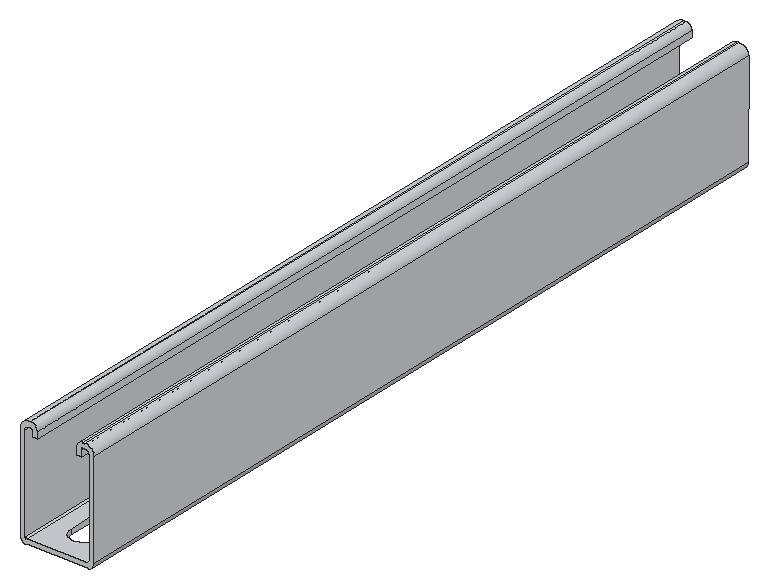
Revit family "Channel-Unistrut-P5500_T", category Specialty Equipment, Revit 2012
Parameters (values of type "P5500 T")
  ecoScorecard_data = ""
  ecoScorecard Product Page = ""
  Weight Per Foot = 2.42 lbf/ft
  Unit = none
  URL = "http://unistrut.us/index.php"
  Subcategory = "1 5/8\" Channels"
  Product Page URL = "http://unistrut.us/index.php?WP=cat_detail&S=S05&P=P5500t"
  Power Strut Part Number = "PS 200 KO6"  # constant formula
  Part Type = "Channel"  # constant formula
  Part Number = ""
  Overall Width = 1 5/8"  # constant formula
  Overall Height = 2 7/16"
  Model = "P5500 T"  # constant formula
  Material = "Multiple Options - See Catalog"
  Manufacturer Toll Free Phone = "800-882-5543"  # constant formula
  Manufacturer Phone = "708-339-1610"  # constant formula
  Manufacturer Fax = "708-339-7814"  # constant formula
  Manufacturer Email = "mailto:questions@atkore.com"
  Manufacturer Address = "16100 South Lathrop Avenue, Harvey, IL 60426"  # constant formula
  Manufacturer = "Unistrut by Atkore International"  # constant formula
  Load Capacity Note = "Visit the product page for load application and capacity."  # constant formula
  Literature URL = "http://unistrut.us/index.php?WP=LItLibrary"
  Length [instance] = 18"
  Knockouts Spacing From End = 1"
  Hole Spacing On Center Dimension = 2"
  Gauge Thickness = "12 Gauge (.105”)"  # constant formula
  Description = "P5500 T Channel"  # constant formula
  Cost Info = "mailto:questions@atkore.com"
  Construction Note = "Slots are 11⁄8\" x 9⁄16\" @ 2\" on Center"
  Category = "Specialty Equipment"  # constant formula
  CSI MasterSpec = "http://www.unistrut.us/a_files/TechRef/Unistrut_CSI_05430.pdf"
  CAD URL = "http://unistrut.us/index.php?WP=CAD3d"
  Assembly Code = "D5020100"
  95 CSI = "16070"  # constant formula
  04 CSI = "26 05 48"  # constant formula
Reference planes (in)
  plane 1 "Center (Front/Back)": y = 0
  plane 2: z = 0
  plane 3 "Center (Left/Right)": x = 0
  plane 4: z = 2.4375
  plane 5: y = 9
  plane 6: x = -0.8125
  plane 7: y = -9
  plane 8: x = 0.8125
  plane 9: y = -7
Dimensions and locks (in)
  "Overall Height": plane 4 to level
  equal spacing: plane 6, plane 3 "Center (Left/Right)", plane 8
  "Overall Width": plane 6 to plane 8
  equal spacing: plane 5, plane 1 "Center (Front/Back)", plane 7
  "Length": plane 5 to plane 7
  "Hole Spacing On Center Dimension": plane 7 to plane 9
  aligned and locked: level to plane 2
  aligned and locked: plane 1 "Center (Front/Back)" to nested 1
  aligned and locked: plane 3 "Center (Left/Right)" to nested 1
  aligned and locked: nested 1 to level
Nested families (in)
  nested 1: "P5500 T Channel" at (0, 0, 0), type "P5500 T Channel"
    with # Of Array 9
Definition of nested family "P5500 T Channel"
  Parameters (values of type "P5500 T Channel")
    Width = 1 5/8"
    Unit = none
    Length = 18"
    Knockouts Spacing On Center = 2"
    Knockouts Spacing From End = 1"
    Height = 2 7/16"
    # Of Array [instance] = (Length - Knockouts Spacing From End * 2) / Knockouts Spacing On Center + 1  # 9
  Reference planes (in)
    plane 1 "Center (Front/Back)": y = 0
    plane 2: z = 0
    plane 3 "Center (Left/Right)": x = 0
    plane 4: z = 2.4375
    plane 5: x = -0.8125
    plane 6: x = 0.8125
    plane 7: y = 9
    plane 8: y = -9
    plane 9: x = 0.4375
    plane 10: x = -0.4375
    plane 11: z = 2.15625
    plane 12: y = -8
    plane 13: y = -6
    plane 14: z = 0.105
  Forms (in)
    Sweep 1, solid, material <- "Unit", detail levels fine
      path origin (0, 0, 0) x (1, 0, 0) y (0, 1, 0)
        loop
          line (0, 9) -> (0, -9)
      profile origin (0, 0, 0) x (1, 0, 0) y (0, 0, 1)
        loop
          line (0.7075, 2.2385) -> (0.7075, 0.13625)
          arc (0.7075, 0.13625) -> (0.69835, 0.11415) -> (0.67625, 0.105) r 0.03125
          line (0.67625, 0.105) -> (-0.67625, 0.105)
          arc (-0.67625, 0.105) -> (-0.69835, 0.11415) -> (-0.7075, 0.13625) r 0.03125
          line (-0.7075, 0.13625) -> (-0.7075, 2.2385)
          arc (-0.7075, 2.2385) -> (-0.68004, 2.30479) -> (-0.61375, 2.33225) r 0.09375
          line (-0.61375, 2.33225) -> (-0.57375, 2.33225)
          arc (-0.57375, 2.33225) -> (-0.55165, 2.3231) -> (-0.5425, 2.301) r 0.03125
          line (-0.5425, 2.301) -> (-0.5425, 2.15625) -> (-0.4375, 2.15625) -> (-0.4375, 2.301)
          arc (-0.4375, 2.301) -> (-0.47741, 2.39734) -> (-0.57375, 2.43725) r 0.13625
          line (-0.57375, 2.43725) -> (-0.61375, 2.43725)
          arc (-0.61375, 2.43725) -> (-0.75429, 2.37904) -> (-0.8125, 2.2385) r 0.19875
          line (-0.8125, 2.2385) -> (-0.8125, 0.13625)
          arc (-0.8125, 0.13625) -> (-0.77259, 0.03991) -> (-0.67625, 0) r 0.13625
          line (-0.67625, 0) -> (0.67625, 0)
          arc (0.67625, 0) -> (0.77259, 0.03991) -> (0.8125, 0.13625) r 0.13625
          line (0.8125, 0.13625) -> (0.8125, 2.2385)
          arc (0.8125, 2.2385) -> (0.75429, 2.37904) -> (0.61375, 2.43725) r 0.19875
          line (0.61375, 2.43725) -> (0.57375, 2.43725)
          arc (0.57375, 2.43725) -> (0.47741, 2.39734) -> (0.4375, 2.301) r 0.13625
          line (0.4375, 2.301) -> (0.4375, 2.15625) -> (0.5425, 2.15625) -> (0.5425, 2.301)
          arc (0.5425, 2.301) -> (0.55165, 2.3231) -> (0.57375, 2.33225) r 0.03125
          line (0.57375, 2.33225) -> (0.61375, 2.33225)
          arc (0.61375, 2.33225) -> (0.68004, 2.30479) -> (0.7075, 2.2385) r 0.09375
    Extrusion 2, void
      sketch origin (0, 3, 0) x (1, 0, 0) y (0, 1, 0)
        loop
          arc (0.28125, -10.71875) -> (0, -10.4375) -> (-0.28125, -10.71875) r 0.28125
          line (-0.28125, -10.71875) -> (-0.28125, -11.28125)
          arc (-0.28125, -11.28125) -> (0, -11.5625) -> (0.28125, -11.28125) r 0.28125
          line (0.28125, -11.28125) -> (0.28125, -10.71875)
      from 0 to 0.105
    Extrusion 3, void
      sketch origin (0, 5, 0) x (1, 0, 0) y (0, 1, 0)
        loop
          arc (0.28125, -10.71875) -> (0, -10.4375) -> (-0.28125, -10.71875) r 0.28125
          line (-0.28125, -10.71875) -> (-0.28125, -11.28125)
          arc (-0.28125, -11.28125) -> (0, -11.5625) -> (0.28125, -11.28125) r 0.28125
          line (0.28125, -11.28125) -> (0.28125, -10.71875)
      from 0 to 0.105
    Extrusion 4, void
      sketch origin (0, 7, 0) x (1, 0, 0) y (0, 1, 0)
        loop
          arc (0.28125, -10.71875) -> (0, -10.4375) -> (-0.28125, -10.71875) r 0.28125
          line (-0.28125, -10.71875) -> (-0.28125, -11.28125)
          arc (-0.28125, -11.28125) -> (0, -11.5625) -> (0.28125, -11.28125) r 0.28125
          line (0.28125, -11.28125) -> (0.28125, -10.71875)
      from 0 to 0.105
    Extrusion 5, void
      sketch origin (0, 9, 0) x (1, 0, 0) y (0, 1, 0)
        loop
          arc (0.28125, -10.71875) -> (0, -10.4375) -> (-0.28125, -10.71875) r 0.28125
          line (-0.28125, -10.71875) -> (-0.28125, -11.28125)
          arc (-0.28125, -11.28125) -> (0, -11.5625) -> (0.28125, -11.28125) r 0.28125
          line (0.28125, -11.28125) -> (0.28125, -10.71875)
      from 0 to 0.105
    Extrusion 6, void
      sketch origin (0, 11, 0) x (1, 0, 0) y (0, 1, 0)
        loop
          arc (0.28125, -10.71875) -> (0, -10.4375) -> (-0.28125, -10.71875) r 0.28125
          line (-0.28125, -10.71875) -> (-0.28125, -11.28125)
          arc (-0.28125, -11.28125) -> (0, -11.5625) -> (0.28125, -11.28125) r 0.28125
          line (0.28125, -11.28125) -> (0.28125, -10.71875)
      from 0 to 0.105
    Extrusion 7, void
      sketch origin (0, 13, 0) x (1, 0, 0) y (0, 1, 0)
        loop
          arc (0.28125, -10.71875) -> (0, -10.4375) -> (-0.28125, -10.71875) r 0.28125
          line (-0.28125, -10.71875) -> (-0.28125, -11.28125)
          arc (-0.28125, -11.28125) -> (0, -11.5625) -> (0.28125, -11.28125) r 0.28125
          line (0.28125, -11.28125) -> (0.28125, -10.71875)
      from 0 to 0.105
    Extrusion 8, void
      sketch origin (0, 15, 0) x (1, 0, 0) y (0, 1, 0)
        loop
          arc (0.28125, -10.71875) -> (0, -10.4375) -> (-0.28125, -10.71875) r 0.28125
          line (-0.28125, -10.71875) -> (-0.28125, -11.28125)
          arc (-0.28125, -11.28125) -> (0, -11.5625) -> (0.28125, -11.28125) r 0.28125
          line (0.28125, -11.28125) -> (0.28125, -10.71875)
      from 0 to 0.105
    Extrusion 9, void
      sketch origin (0, 17, 0) x (1, 0, 0) y (0, 1, 0)
        loop
          arc (0.28125, -10.71875) -> (0, -10.4375) -> (-0.28125, -10.71875) r 0.28125
          line (-0.28125, -10.71875) -> (-0.28125, -11.28125)
          arc (-0.28125, -11.28125) -> (0, -11.5625) -> (0.28125, -11.28125) r 0.28125
          line (0.28125, -11.28125) -> (0.28125, -10.71875)
      from 0 to 0.105
    Extrusion 10, void
      sketch origin (0, 19, 0) x (1, 0, 0) y (0, 1, 0)
        loop
          arc (0.28125, -10.71875) -> (0, -10.4375) -> (-0.28125, -10.71875) r 0.28125
          line (-0.28125, -10.71875) -> (-0.28125, -11.28125)
          arc (-0.28125, -11.28125) -> (0, -11.5625) -> (0.28125, -11.28125) r 0.28125
          line (0.28125, -11.28125) -> (0.28125, -10.71875)
      from 0 to 0.105
  Cuts and joins
    Extrusion 2, Extrusion 3, Extrusion 4, Extrusion 5, Extrusion 6, Extrusion 7, Extrusion 8, Extrusion 9, Extrusion 10 cuts Sweep 1
  Lines and regions (in)
    symbolic lines, style "Channel", detail levels medium+fine
      curve 1: line (0.8125, 9, 0) -> (0.8125, -9, 0)
      curve 2: line (-0.8125, 9, 0) -> (0.8125, 9, 0)
      curve 3: line (-0.8125, 9, 0) -> (-0.8125, -9, 0)
      curve 4: line (0.4375, 9, 0) -> (0.4375, -9, 0)
      curve 5: line (-0.4375, 9, 0) -> (-0.4375, -9, 0)
      curve 6: line (-0.8125, -9, 0) -> (0.8125, -9, 0)
  Dimensions and locks (in)
    "Height": plane 4 to level
    equal spacing: plane 6, plane 3 "Center (Left/Right)", plane 5
    "Width": plane 6 to plane 5
    equal spacing: plane 7, plane 1 "Center (Front/Back)", plane 8
    "Length": plane 7 to plane 8
    locked: plane 6 to plane 9 at 0.375
    locked: plane 5 to plane 10 at 0.375
    locked: plane 4 to plane 11 at 0.28125
    locked: plane 6 to Sweep 1 sketch curve at 0.105
    locked: Sweep 1 sketch curve to plane 5 at 0.105
    locked: Sweep 1 sketch curve to level at 0.105
    locked: plane 4 to Sweep 1 sketch curve at 0.28125  (x2)
    "Knockouts Spacing From End": plane 8 to plane 12
    "Knockouts Spacing On Center": plane 13 to plane 12
    locked: plane 14 to level at 0.105
    equal spacing: group 1, group 2, group 3, group 4, group 5, group 6, group 7, group 8, group 9  (x3)
    aligned and locked: plane 2 to level
    aligned and locked: plane 8 to Sweep 1 sketch curve
    aligned and locked: plane 7 to Sweep 1 sketch curve
    aligned and locked: Sweep 1 sketch curve to plane 3 "Center (Left/Right)"
    aligned and locked: plane 6 to Sweep 1 sketch curve
    aligned and locked: Sweep 1 sketch curve to plane 5
    aligned and locked: Sweep 1 sketch curve to level
    aligned and locked: plane 14 to Sweep 1
    aligned and locked: nested 1 to plane 14
    aligned and locked: plane 3 "Center (Left/Right)" to nested 1
    aligned and locked: nested 1 to plane 12
    aligned and locked: nested 2 to plane 13
    aligned and locked: plane 3 "Center (Left/Right)" to nested 2
    aligned and locked: Extrusion 2 to level
    aligned and locked: Sweep 1 to Extrusion 2
    aligned and locked: plane 1 "Center (Front/Back)" to nested 10
    aligned and locked: plane 3 "Center (Left/Right)" to nested 10
    aligned and locked: nested 10 to level
    aligned and locked: curve 1 to plane 6
    aligned and locked: curve 2 to plane 7
    aligned and locked: curve 3 to plane 5
    aligned and locked: curve 4 to plane 9
    aligned and locked: plane 10 to curve 5
    aligned and locked: plane 8 to curve 6
  Automatic sketch dimensions
    Sweep 1 sketch curve to Sweep 1 sketch curve = 0"  (x10)
    Sweep 1 sketch curve to Sweep 1 sketch curve = 1/32"  (x3)
    Sweep 1 sketch curve to Sweep 1 sketch curve = 3/32"  (x2)
    Sweep 1 sketch curve to Sweep 1 sketch curve = 0.04"  (x2)
    Sweep 1 sketch curve to profile plane = 0.67625"
    Sweep 1 sketch curve to Sweep 1 sketch curve = 0.08225"  (x2)
    Extrusion 2 sketch curve to Extrusion 2 sketch curve = 9/16"
    Extrusion 2 sketch curve to Extrusion 2 sketch curve = 9/32"
    Extrusion 3 sketch curve to Extrusion 3 sketch curve = 9/16"
    Extrusion 3 sketch curve to Extrusion 3 sketch curve = 9/32"
    Extrusion 4 sketch curve to Extrusion 4 sketch curve = 9/16"
    Extrusion 4 sketch curve to Extrusion 4 sketch curve = 9/32"
    Extrusion 5 sketch curve to Extrusion 5 sketch curve = 9/16"
    Extrusion 5 sketch curve to Extrusion 5 sketch curve = 9/32"
    Extrusion 6 sketch curve to Extrusion 6 sketch curve = 9/16"
    Extrusion 6 sketch curve to Extrusion 6 sketch curve = 9/32"
    Extrusion 7 sketch curve to Extrusion 7 sketch curve = 9/16"
    Extrusion 7 sketch curve to Extrusion 7 sketch curve = 9/32"
    Extrusion 8 sketch curve to Extrusion 8 sketch curve = 9/16"
    Extrusion 8 sketch curve to Extrusion 8 sketch curve = 9/32"
    Extrusion 9 sketch curve to Extrusion 9 sketch curve = 9/16"
    Extrusion 9 sketch curve to Extrusion 9 sketch curve = 9/32"
    Extrusion 10 sketch curve to Extrusion 10 sketch curve = 9/16"
    Extrusion 10 sketch curve to Extrusion 10 sketch curve = 9/32"
    curve 4 to curve 1 = 0"
    curve 1 to curve 4 = 0"
    curve 5 to curve 3 = 0"
    curve 3 to curve 5 = 0"
  Nested families (in)
    nested 1: "Model Line" at (0, -8, 0.105), type "Model Line"
    nested 2: "Model Line" at (0, -6, 0.105), type "Model Line"
    nested 3: "Model Line" at (0, -4, 0.105), type "Model Line"
    nested 4: "Model Line" at (0, -2, 0.105), type "Model Line"
    nested 5: "Model Line" at (0, 0, 0.105), type "Model Line"
    nested 6: "Model Line" at (0, 2, 0.105), type "Model Line"
    nested 7: "Model Line" at (0, 4, 0.105), type "Model Line"
    nested 8: "Model Line" at (0, 6, 0.105), type "Model Line"
    nested 9: "Model Line" at (0, 8, 0.105), type "Model Line"
    nested 10: "P5500 T_Detail" at (0, 0, 0), type "P5500 T_Detail"
  Definition of nested family "Model Line"
    Parameters (values of type "Model Line")
      Hole Radius = 9/32"
    Reference planes (in)
      plane 1 "Center (Front/Back)": y = 0
      plane 2: z = 0
      plane 3 "Center (Left/Right)": x = 0
    Lines and regions (in)
      model lines, style "Channel", detail levels fine
        curve 1: line (-0.28125, -0.28125, 0) -> (-0.28125, 0.28125, 0)
        curve 2: line (0.28125, 0.28125, 0) -> (0.28125, -0.28125, 0)
        curve 3: arc (-0.28125, 0.28125, 0) -> (0, 0.5625, 0) -> (0.28125, 0.28125, 0) r 0.28125
        curve 4: arc (-0.28125, -0.28125, 0) -> (0, -0.5625, 0) -> (0.28125, -0.28125, 0) r 0.28125
    Dimensions and locks (in)
      aligned and locked: plane 2 to level
  Definition of nested family "P5500 T_Detail"
    Parameters (values of type "P5500 T_Detail")
      Unit = none
      Length = 18"
      Height = 2 7/16"  # constant formula
      Depth = 1 5/8"  # constant formula
    Reference planes (in)
      plane 1 "Center (Front/Back)": y = 0
      plane 2: z = 0
      plane 3 "Center (Left/Right)": x = 0
      plane 4: y = 9
      plane 5: y = -9
      plane 6: x = -0.8125
      plane 7: x = 0.8125
      plane 8: z = 2.4375
    Forms (in)
      Sweep 1, solid, material <- "Unit", detail levels coarse+medium
        path origin (0, 0, 0) x (1, 0, 0) y (0, 1, 0)
          loop
            line (0, 9) -> (0, -9)
        profile origin (0, 0, 0) x (1, 0, 0) y (0, 0, 1)
          loop
            line (0.8125, 2.4375) -> (-0.8125, 2.4375) -> (-0.8125, 0) -> (0.8125, 0) -> (0.8125, 2.4375)
    Lines and regions (in)
      symbolic lines, style "Channel", detail levels coarse+medium
        curve 1: line (-0.8125, 9, 0) -> (0.8125, 9, 0)
        curve 2: line (0.8125, 9, 0) -> (0.8125, -9, 0)
        curve 3: line (-0.8125, 9, 0) -> (-0.8125, -9, 0)
        curve 4: line (-0.8125, -9, 0) -> (0.8125, -9, 0)
    Dimensions and locks (in)
      equal spacing: plane 6, plane 3 "Center (Left/Right)", plane 7
      "Depth": plane 6 to plane 7
      equal spacing: plane 4, plane 1 "Center (Front/Back)", plane 5
      "Length": plane 4 to plane 5
      "Height": plane 8 to level
      aligned and locked: plane 2 to level
      aligned and locked: plane 5 to Sweep 1 sketch curve
      aligned and locked: plane 4 to Sweep 1 sketch curve
      aligned and locked: Sweep 1 sketch curve to plane 3 "Center (Left/Right)"
      aligned and locked: Sweep 1 sketch curve to plane 7
      aligned and locked: Sweep 1 sketch curve to plane 8
      aligned and locked: Sweep 1 sketch curve to plane 6
      aligned and locked: Sweep 1 sketch curve to level
      aligned and locked: curve 1 to plane 4
      aligned and locked: curve 2 to plane 7
      aligned and locked: curve 3 to plane 6
      aligned and locked: curve 4 to plane 5
